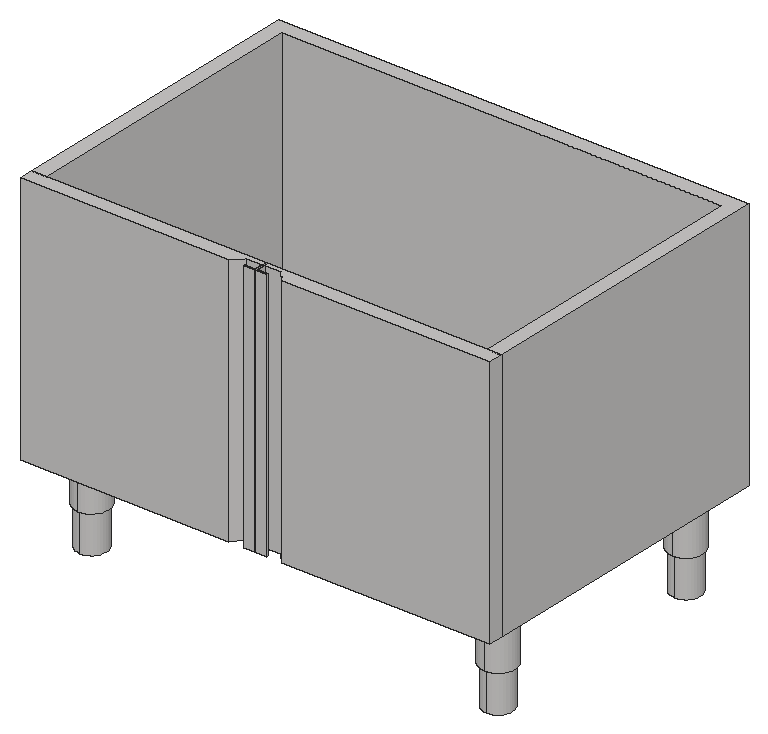
Revit family "QF_GIORIK_SUL0880", category Specialty Equipment, Revit 2014
Parameters (values of type "SUL0880")
  Weight in Pounds = 0
  URL Cutsheet = "www.giorik.com"
  URL = "www.giorik.com"
  Status [instance] = ""
  Specification by User [instance] = ""
  Specification by Manufacturer = ""
  Show Logo [instance] = yes
  Show Clearance [instance] = yes
  Serial Number = ""
  Seismic Rating = ""
  SMACNA No = ""
  Revision Code [instance] = ""
  NAFEM Spec ID Number = ""
  Model = "SUL0880"
  Masterspec = ""
  Manufacturer = "GIORIK"
  Item Number [instance] = ""
  Installed By [instance] = ""
  Identify Quantity as Lot [instance] = no
  Furnished By [instance] = ""
  Foodservice Equipment Identifier [instance] = yes
  Description = "NEUTRAL CUPBOARD WITH SHELF L=800"
  CSI MasterFormat = ""
  Assembly Code = "E1090320"
Reference planes
  plane 1 "Back": y = 0
  plane 2: z = 0
  plane 3 "Left": x = 0
  plane 4 "Right": x = 800
  plane 5 "Front": y = -600
  plane 6 "Top": z = 580
Forms (mm)
  Extrusion 1, solid
    sketch origin (-16, 1016.81, 0) x (1, 0, 0) y (0, 1, 0)
      loop
        line (25, -1086.81) -> (25, -1156.81) -> (115, -1156.81) -> (115, -1086.81) -> (25, -1086.81)
    from 148 to 150
  Extrusion 2, solid
    sketch origin (816, 1016.81, 0) x (-1, 0, 0) y (0, -1, 0)
      loop
        line (25, 1086.81) -> (115, 1086.81) -> (115, 1156.81) -> (25, 1156.81) -> (25, 1086.81)
    from 148 to 150
  Extrusion 3, solid
    sketch origin (0, -40, 599.536) x (1, 0, 0) y (0, 1, 0)
      loop
        line (0, -525) -> (25, -525) -> (25, -25) -> (775, -25) -> (775, -525) -> (800, -525) -> (800, 0) -> (0, 0) -> (0, -525)
    from -449.536 to -19.536
  Extrusion 4, solid
    sketch origin (0, -40, 0) x (1, 0, 0) y (0, 1, 0)
      loop
        line (25, -25) -> (25, -525) -> (775, -525) -> (775, -25) -> (25, -25)
    from 150 to 175
  Extrusion 5, solid
    sketch origin (-16, 616.81, 0) x (1, 0, 0) y (0, 1, 0)
      loop
        line (25, -1086.81) -> (25, -1156.81) -> (115, -1156.81) -> (115, -1086.81) -> (25, -1086.81)
    from 148 to 150
  Revolve 6, solid
    sketch origin (54, 616.81, 0) x (0, 1, 0) y (0, 0, 1)
      loop
        line (-1092.56, 66) -> (-1092.56, 148) -> (-1121.81, 148) -> (-1121.81, 0) -> (-1096.81, 0) -> (-1096.81, 66) -> (-1092.56, 66)
      axis (-1121.81, 0) -> (-1121.81, 148)
    angle from 0 to 360
  Revolve 7, solid
    sketch origin (746, 616.81, 0) x (0, 1, 0) y (0, 0, 1)
      loop
        line (-1092.56, 66) -> (-1092.56, 148) -> (-1121.81, 148) -> (-1121.81, 0) -> (-1096.81, 0) -> (-1096.81, 66) -> (-1092.56, 66)
      axis (-1121.81, 0) -> (-1121.81, 148)
    angle from 0 to 360
  Revolve 8, solid
    sketch origin (746, 1016.81, 0) x (0, 1, 0) y (0, 0, 1)
      loop
        line (-1092.56, 66) -> (-1092.56, 148) -> (-1121.81, 148) -> (-1121.81, 0) -> (-1096.81, 0) -> (-1096.81, 66) -> (-1092.56, 66)
      axis (-1121.81, 0) -> (-1121.81, 148)
    angle from 0 to 360
  Revolve 9, solid
    sketch origin (54, 1016.81, 0) x (0, 1, 0) y (0, 0, 1)
      loop
        line (-1092.56, 66) -> (-1092.56, 148) -> (-1121.81, 148) -> (-1121.81, 0) -> (-1096.81, 0) -> (-1096.81, 66) -> (-1092.56, 66)
      axis (-1121.81, 0) -> (-1121.81, 148)
    angle from 0 to 360
  Extrusion 10, solid
    sketch origin (816, 616.81, 0) x (-1, 0, 0) y (0, -1, 0)
      loop
        line (25, 1086.81) -> (115, 1086.81) -> (115, 1156.81) -> (25, 1156.81) -> (25, 1086.81)
    from 148 to 150
  Extrusion 11, solid, visible <- "Show Clearance", detail levels coarse
    sketch origin (795, -462.861, -10) x (-1, 0, 0) y (0, -1, 0)
      loop
        line (-5, 127.139) -> (395, 127.139)
        arc (395, 127.139) -> (277.843, 409.981) -> (-5, 527.139) r 400
        line (-5, 527.139) -> (-5, 127.139)
    from 160 to 590
  Extrusion 12, solid
    sketch origin (395, -2, 1020) x (0, 1, 0) y (-1, 0, 0)
      loop
        line (-563, -5) -> (-588, -5) -> (-588, -25) -> (-585, -25) -> (-585, -8) -> (-571, -8) -> (-571, -35) -> (-588, -50) -> (-588, -405) -> (-563, -405) -> (-563, -5)
    from -870 to -440
  Extrusion 13, solid, visible <- "Show Clearance", detail levels coarse
    sketch origin (5, -462.861, -10) x (1, 0, 0) y (0, 1, 0)
      loop
        line (-5, -127.139) -> (-5, -527.139)
        arc (-5, -527.139) -> (277.843, -409.981) -> (395, -127.139) r 400
        line (395, -127.139) -> (-5, -127.139)
    from 160 to 590
  Extrusion 14, solid
    sketch origin (405, -2, 1020) x (0, 1, 0) y (-1, 0, 0)
      loop
        line (-563, 5) -> (-563, 405) -> (-588, 405) -> (-588, 50) -> (-571, 35) -> (-571, 8) -> (-585, 8) -> (-585, 25) -> (-588, 25) -> (-588, 5) -> (-563, 5)
    from -870 to -440
Lines and regions (mm)
  symbolic lines, style "200-EquipHidden-2D", visible <- "Show Clearance", detail levels coarse
    curve 1: line (0, -40, 580) -> (800, -40, 580)
    curve 2: line (0, -565, 580) -> (0, -40, 580)
    curve 3: line (800, -565, 580) -> (0, -565, 580)
    curve 4: line (800, -40, 580) -> (800, -565, 580)
  symbolic lines, style "QF_Door-Drawer Clearances", visible <- "Show Clearance", detail levels coarse
    curve 5: line (800, -600, 580) -> (800, -990, 580)
    curve 6: line (0, -600, 580) -> (0, -990, 580)
    curve 7: arc (0, -990, 580) -> (279.355, -876.547, 580) -> (399.491, -600, 580) r 398.861
    curve 8: arc (800, -990, 580) -> (520.715, -876.356, 580) -> (400.125, -600, 580) r 400
Dimensions and locks
  plane 3 "Left" to plane 4 "Right" = 800 mm
  plane 5 "Front" to plane 1 "Back" = 600 mm
  plane 4 "Right" to plane 3 "Left" = 800 mm
  plane 1 "Back" to plane 5 "Front" = 600 mm
  plane 6 "Top" to level = 580 mm  (x2)
  aligned and locked: level to plane 2
